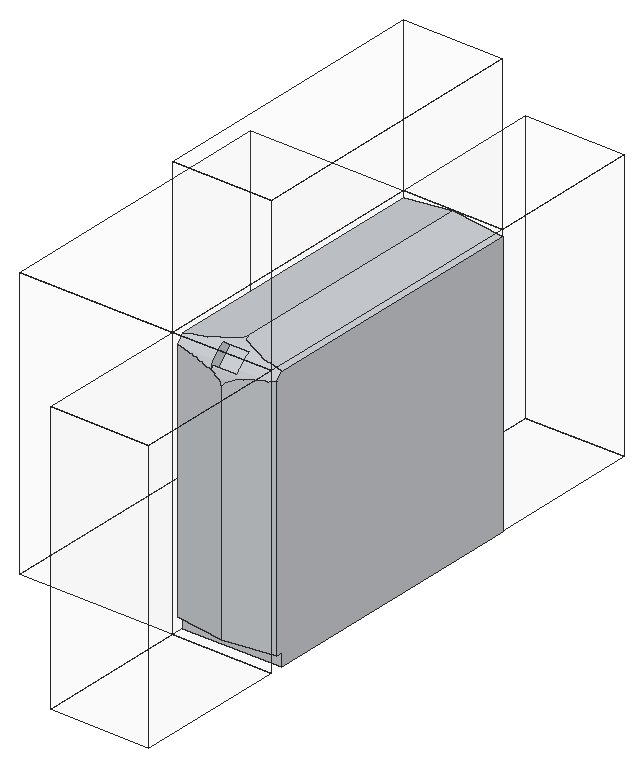
Revit family
Parameters (values of type "AWN801")
  WATER CONN SIZE = water conn radius * 2  # 2"
  Voltage/Heater = "120"
  SES BIM Studio # = "201264901-19"
  J_ air inlet offset from back = 27 3/4"
  F_ water outlet offset from back = 17"
  water conn radius = 1"
  G_water inlet offset from back = 3 1/2"
  WIDTH = 15 1/2"
  Voltage/Pump = "120"
  Voltage/Control = "24"
  AIR INLET SIZE = air inlet radius * 2  # 4"
  URL = "http://www.lochinvar.com/products/Default.aspx?type=ProductLine&lineid=22"
  Total Amps = "12.8"
  Model = "KBN286"
  Manufacturer = "Lochinvar"
  MODEL NO. = "AWN801"
  gas conn radius = 3/4"
  K_gas conn offset from left = 3 1/4"
  I_gas conn height = 32 3/4"
  GAS CONN SIZE = gas conn radius * 2  # 1 1/2"
  GALLON CAPACITY = "5.7"
  flue radius = 3"
  VENT SIZE = flue radius * 2  # 6"
  D_ drain offset from back = 33 1/4"
  C_ DEPTH = 45 1/4"
  INPUT RATE (BTUH) = "800,00"
  A_HEIGHT = 42 1/2"
  FUEL TYPE = "NATURAL GAS"
  Description = "Knight Boiler"
  Fuel Type = "Natural or LP"
  E_condensate drain offset from back = 23"
  air inlet radius = 2"
  H_air inlet height = 36"
  # of Electrical Connections = "1"
Types (7): name | J_ air inlet offset from back | F_ water outlet offset from back | G_water inlet offset from back | Total Amps | MODEL NO. | gas conn radius | K_gas conn offset from left | I_gas conn height | GAS CONN SIZE | GALLON CAPACITY | flue radius | VENT SIZE | D_ drain offset from back | C_ DEPTH | INPUT RATE (BTUH) | E_condensate drain offset from back | H_air inlet height
  (no name) | 27 3/4" | 17" | 3 1/2" | "12.8" | "AWN801" | 3/4" | 3 1/4" | 32 3/4" | 1 1/2" | "5.7" | 3" | 6" | 33 1/4" | 45 1/4" | "800,00" | 23" | 36"
  AWN286 | 11 3/4" | 6" | 2" | "4.5" | "AWN286" | 3/8" | 4 1/4" | 31" | 3/4" | "2.4" | 2" | 4" | 12 3/4" | 19 3/4" | "285,000" | 13 1/2" | 34"
  AWN400 | 18 3/4" | 14" | 3 1/2" | "6.5" | "AWN286" | 1/2" | 2" | 34" | 1" | "3.4" | 2" | 4" | 21" | 27" | "399,999" | 20 3/4" | 34"
  AWN501 | 22" | 14" | 3 1/2" | "5.7" | "AWN501" | 1/2" | 5 3/4" | 34" | 1" | "4.2" | 2" | 4" | 21" | 31 1/2" | "500,00" | 25" | 35"
  AWN601 | 19 1/2" | 14" | 3 1/2" | "5.7" | "AWN601" | 3/4" | 5 1/2" | 32 3/4" | 1 1/2" | "4.2" | 2" | 4" | 25" | 36 1/4" | "600,00" | 21" | 36"
  AWN701 | 23 1/2" | 17" | 3 1/2" | "12.8" | "AWN701" | 3/4" | 3 1/4" | 32 3/4" | 1 1/2" | "5.0" | 3" | 6" | 29" | 40 1/4" | "700,00" | 23" | 36"
  AWN801 | 27 3/4" | 17" | 3 1/2" | "12.8" | "AWN801" | 3/4" | 3 1/4" | 32 3/4" | 1 1/2" | "5.7" | 3" | 6" | 33 1/4" | 45 1/4" | "800,00" | 23" | 36"
Reference planes (in)
  plane 1 "Center (Front/Back)": y = 6.125
  plane 2: z = 0
  plane 3 "Center (Left/Right)": x = -1.39218
  plane 4 "Back": y = 28.75
  plane 5 "Front": y = -16.5
  plane 6 "Top": z = 42.5
  plane 7 "Right": x = 6.35782
  plane 8 "Left": x = -9.14218
  plane 9 "Front Clearance": y = -40.5
  plane 10 "Back Clearance": y = 52.75
  plane 11 "Left Clearance": x = -33.14218
  plane 12 "Top Clearance": z = 66.5
Forms (in)
  Extrusion 1, solid
    sketch origin (-38.1296, -180, 3) x (-1, 0, 0) y (0, -1, 0)
      loop
        line (-28.98742, -208.75) -> (-28.98742, -163.5) -> (-44.48742, -163.5) -> (-44.48742, -208.75) -> (-28.98742, -208.75)
    from 39.5 to -3
  Extrusion 2, solid, material "Clearance"
    sketch origin (-15.62351, 24, -0.75) x (1, 0, 0) y (0, 1, 0)
      loop
        line (6.48133, 28.75) -> (6.48133, 4.75) -> (21.98133, 4.75) -> (21.98133, 28.75) -> (6.48133, 28.75)
    from 0.75 to 43.25
  Extrusion 3, solid, material "Clearance"
    sketch origin (0, 0, 42.5) x (-1, 0, 0) y (0, -1, 0)
      loop
        line (9.14218, 16.5) -> (9.14218, 40.5) -> (-6.35782, 40.5) -> (-6.35782, 16.5) -> (9.14218, 16.5)
    from -42.5 to 0
  Extrusion 4, solid
    sketch origin (0, 28.75, 13.75) x (1, 0, 0) y (0, 0, 1)
      loop
        circle (-1.14218, 0) r 3
    from 0 to -2
  Extrusion 5, solid
    sketch origin (-7, 28.75, 14) x (1, 0, 0) y (0, 0, 1)
      loop
        circle (1.10782, 18.75) r 0.75
    from 0 to -2
  Extrusion 6, solid
    sketch origin (-9.14218, 0, 3.25) x (0, 1, 0) y (0, 0, 1)
      loop
        circle (25.25, 15.5) r 1
    from 0 to -1
  Extrusion 7, solid
    sketch origin (-9.14218, 0, 3.25) x (0, 1, 0) y (0, 0, 1)
      loop
        circle (11.75, 15.5) r 1
    from 0 to -1
  Extrusion 8, solid
    sketch origin (-9.14218, 0, 2.5) x (0, 1, 0) y (0, 0, 1)
      loop
        circle (5.75, 6.5) r 0.5
    from 0 to -1
  Extrusion 9, solid
    sketch origin (-9.14218, 0.5, -6) x (0, 1, 0) y (0, 0, 1)
      loop
        circle (-5, 24.75) r 0.75
    from 0 to -1
  Extrusion 10, solid, material "Clearance"
    sketch origin (-24, 14, 42.5) x (-1, 0, 0) y (0, -1, 0)
      loop
        line (9.14218, -14.75) -> (9.14218, 30.5) -> (-14.85782, 30.5) -> (-14.85782, -14.75) -> (9.14218, -14.75)
    from -42.5 to 0
  Extrusion 11, solid
    sketch origin (-9.14218, 0, 0) x (0, 1, 0) y (0, 0, 1)
      loop
        circle (1, 36) r 2
    from 0 to -1
  Extrusion 12, solid, material "Clearance"
    sketch origin (-38.1296, -180, 27) x (-1, 0, 0) y (0, -1, 0)
      loop
        line (-28.98742, -208.75) -> (-28.98742, -163.5) -> (-44.48742, -163.5) -> (-44.48742, -208.75) -> (-28.98742, -208.75)
    from 39.5 to 15.5
  Extrusion 13, solid
    sketch origin (2.25, 28.75, 3.53161) x (1, 0, 0) y (0, 0, 1)
      loop
        circle (-0.64218, 35.96839) r 0.5
    from 0 to -1
  Extrusion 14, solid
    sketch origin (-3.75, 28.75, -6.21839) x (1, 0, 0) y (0, 0, 1)
      loop
        circle (-0.64218, 45.21839) r 0.5
    from 0 to -1
  Extrusion 15, void
    sketch origin (0, 0, 42.5) x (-1, 0, 0) y (0, -1, 0)
      loop
        line (-6.35782, 16.5) -> (-6.35782, 15.5) -> (1.39218, 16.5) -> (-6.35782, 16.5)
    from 0 to -42.5
  Extrusion 16, void
    sketch origin (0, 0, 42.5) x (-1, 0, 0) y (0, -1, 0)
      loop
        line (9.14218, 16.5) -> (1.39218, 16.5) -> (9.14218, 15.5) -> (9.14218, 16.5)
    from 0 to -42.5
  Extrusion 17, void
    sketch origin (0, -16.5, 0) x (1, 0, 0) y (0, 0, 1)
      loop
        line (6.35782, 42.5) -> (-1.39218, 42.5) -> (6.35782, 41.5) -> (6.35782, 42.5)
    from 0 to -45.25
  Extrusion 18, void
    sketch origin (0, -16.5, 0) x (1, 0, 0) y (0, 0, 1)
      loop
        line (-9.14218, 42.5) -> (-9.14218, 41.5) -> (-1.39218, 42.5) -> (-9.14218, 42.5)
    from 0 to -45.25
  Extrusion 19, void
    sketch origin (-1.39218, 0, 0) x (0, 1, 0) y (0, 0, 1)
      loop
        line (-16.5, 42.5) -> (-16.5, 37.5)
        arc (-16.5, 37.5) -> (-15.03553, 41.03553) -> (-11.5, 42.5) r 5
        line (-11.5, 42.5) -> (-16.5, 42.5)
    from 7.75 to -7.75
  Extrusion 20, void
    sketch origin (-1.39218, 0, 0) x (0, 1, 0) y (0, 0, 1)
      loop
        line (-16, 42) -> (-16, 37.5) -> (-11.5, 42) -> (-16, 42)
    from 2 to -2
  Extrusion 21, void
    sketch origin (-1.39218, 0, 0) x (0, 1, 0) y (0, 0, 1)
      loop
        line (-16.5, 0) -> (-14.5, 0) -> (-14.5, 2) -> (-16.5, 2) -> (-16.5, 0)
    from 7.75 to -7.75
Cuts and joins
  Extrusion 15, Extrusion 16, Extrusion 17, Extrusion 18, Extrusion 19, Extrusion 20, Extrusion 21 cuts Extrusion 1
  Extrusion 15, Extrusion 16, Extrusion 19, Extrusion 21 cuts Extrusion 3
  Extrusion 15, Extrusion 16, Extrusion 17, Extrusion 18, Extrusion 19 cuts Extrusion 12
  Extrusion 16, Extrusion 18 cuts Extrusion 10
Dimensions and locks (in)
  "A_HEIGHT": plane 6 "Top" to level
  equal spacing: plane 8 "Left", plane 3 "Center (Left/Right)", plane 7 "Right"
  "WIDTH": plane 8 "Left" to plane 7 "Right"
  equal spacing: plane 5 "Front", plane 1 "Center (Front/Back)", plane 4 "Back"
  "C_ DEPTH": plane 5 "Front" to plane 4 "Back"
  locked: plane 9 "Front Clearance" to plane 5 "Front" at 24
  locked: Extrusion 2 to Extrusion 4 at 13.75
  "K_gas conn offset from left": Extrusion 5 sketch curve to plane 8 "Left"
  locked: Extrusion 1 to Extrusion 6 at 18.75
  "F_ water outlet offset from back": plane 4 "Back" to Extrusion 7 sketch curve
  locked: Extrusion 1 to Extrusion 8 at 9
  "E_condensate drain offset from back": plane 4 "Back" to Extrusion 8 sketch curve
  "D_ drain offset from back": Extrusion 2 to Extrusion 9 sketch curve
  "G_water inlet offset from back": plane 4 "Back" to Extrusion 6 sketch curve
  "H_air inlet height": Extrusion 3 to Extrusion 11 sketch curve
  plane 12 "Top Clearance" to plane 6 "Top" = 24"
  "J_ air inlet offset from back": Extrusion 10 to Extrusion 11 sketch curve
  locked: plane 11 "Left Clearance" to plane 8 "Left" at 24
  locked: plane 4 "Back" to plane 10 "Back Clearance" at 24
  level to Extrusion 13 sketch curve = 39 1/2"
  Extrusion 4 sketch curve to plane 8 "Left" = 8"
  locked: level to Extrusion 13 at 39.5
  locked: level to Extrusion 14 at 39
  locked: Extrusion 10 to plane 12 "Top Clearance" at 24
  "I_gas conn height": Extrusion 10 to Extrusion 5 sketch curve
  "flue radius": radius of Extrusion 4 sketch curve
  "gas conn radius": radius of Extrusion 5 sketch curve
  "water conn radius": radius of Extrusion 6 sketch curve
  "water conn radius": radius of Extrusion 7 sketch curve
  radius of Extrusion 8 sketch curve = 1/2"
  "gas conn radius": radius of Extrusion 9 sketch curve
  "air inlet radius": radius of Extrusion 11 sketch curve
  aligned and locked: plane 5 "Front" to Extrusion 1
  aligned and locked: Extrusion 1 to level
  aligned and locked: Extrusion 3 sketch curve to Extrusion 1  (x2)
  aligned and locked: plane 7 "Right" to Extrusion 3 sketch curve
  aligned and locked: Extrusion 3 to Extrusion 1
  aligned and locked: Extrusion 2 to Extrusion 1  (x4)
  aligned and locked: plane 4 "Back" to Extrusion 2
  aligned and locked: Extrusion 2 to plane 8 "Left"
  aligned and locked: Extrusion 2 to plane 7 "Right"
  aligned and locked: Extrusion 1 to plane 7 "Right"
  aligned and locked: Extrusion 1 to plane 4 "Back"
  aligned and locked: plane 6 "Top" to Extrusion 1
  aligned and locked: plane 6 "Top" to Extrusion 2
  aligned and locked: Extrusion 2 to plane 10 "Back Clearance"
  aligned and locked: plane 5 "Front" to Extrusion 10
  aligned and locked: plane 8 "Left" to Extrusion 10
  aligned and locked: Extrusion 10 to plane 11 "Left Clearance"
  aligned and locked: Extrusion 10 to plane 4 "Back"
  aligned and locked: plane 12 "Top Clearance" to Extrusion 12
  aligned and locked: Extrusion 12 to plane 6 "Top"
  aligned and locked: Extrusion 12 to plane 7 "Right"
  aligned and locked: Extrusion 12 to plane 8 "Left"
  aligned and locked: Extrusion 10 to level
  aligned and locked: plane 5 "Front" to Extrusion 16
  aligned and locked: Extrusion 16 to plane 8 "Left"
  aligned and locked: Extrusion 15 to plane 7 "Right"
  aligned and locked: plane 5 "Front" to Extrusion 15
  aligned and locked: plane 6 "Top" to Extrusion 15
  aligned and locked: Extrusion 15 to level
  aligned and locked: plane 6 "Top" to Extrusion 16
  aligned and locked: Extrusion 16 to level
  aligned and locked: plane 6 "Top" to Extrusion 18
  aligned and locked: Extrusion 18 to plane 8 "Left"
  aligned and locked: Extrusion 1 to Extrusion 15
  aligned and locked: plane 5 "Front" to Extrusion 17
  aligned and locked: plane 5 "Front" to Extrusion 18
  aligned and locked: Extrusion 18 to plane 4 "Back"
  aligned and locked: Extrusion 17 to plane 4 "Back"
  aligned and locked: plane 5 "Front" to Extrusion 19
  aligned and locked: plane 6 "Top" to Extrusion 19
  aligned and locked: Extrusion 19 to plane 8 "Left"
  aligned and locked: Extrusion 19 to plane 7 "Right"
  aligned and locked: plane 5 "Front" to Extrusion 21
  aligned and locked: Extrusion 21 to level
  aligned and locked: Extrusion 21 to plane 8 "Left"
  aligned and locked: Extrusion 21 to plane 7 "Right"
Automatic sketch dimensions
  plane 4 "Back" to Extrusion 1 sketch curve = 0"
  Extrusion 1 sketch curve to plane 7 "Right" = 0"
  plane 5 "Front" to Extrusion 1 sketch curve = 0"
  Extrusion 1 sketch curve to plane 8 "Left" = 0"
  plane 4 "Back" to Extrusion 2 sketch curve = 0"
  Extrusion 2 sketch curve to plane 8 "Left" = 0"
  Extrusion 2 sketch curve to plane 7 "Right" = 0"
  plane 10 "Back Clearance" to Extrusion 2 sketch curve = 0"
  plane 9 "Front Clearance" to Extrusion 3 sketch curve = 0"
  level to Extrusion 4 sketch curve = 13 3/4"
  level to Extrusion 6 sketch curve = 18 3/4"
  level to Extrusion 7 sketch curve = 18 3/4"
  level to Extrusion 8 sketch curve = 9"
  Extrusion 9 sketch curve to plane 6 "Top" = 23 3/4"
  plane 4 "Back" to Extrusion 10 sketch curve = 0"
  Extrusion 10 sketch curve to plane 8 "Left" = 0"
  plane 5 "Front" to Extrusion 10 sketch curve = 0"
  Extrusion 10 sketch curve to plane 11 "Left Clearance" = 0"
  plane 4 "Back" to Extrusion 12 sketch curve = 0"
  Extrusion 12 sketch curve to plane 7 "Right" = 0"
  plane 5 "Front" to Extrusion 12 sketch curve = 0"
  Extrusion 12 sketch curve to plane 8 "Left" = 0"
  plane 3 "Center (Left/Right)" to Extrusion 13 sketch curve = 3"
  Extrusion 14 sketch curve to plane 3 "Center (Left/Right)" = 3"
  Extrusion 14 sketch curve to plane 6 "Top" = 3 1/2"
  Extrusion 15 sketch curve to plane 7 "Right" = 0"
  plane 5 "Front" to Extrusion 15 sketch curve = 0"
  Extrusion 15 sketch curve to plane 3 "Center (Left/Right)" = 0"
  Extrusion 15 sketch curve to Extrusion 15 sketch curve = 1"
  Extrusion 16 sketch curve to plane 3 "Center (Left/Right)" = 0"
  Extrusion 16 sketch curve to plane 8 "Left" = 0"
  plane 5 "Front" to Extrusion 16 sketch curve = 0"
  Extrusion 16 sketch curve to Extrusion 16 sketch curve = 1"
  Extrusion 17 sketch curve to plane 3 "Center (Left/Right)" = 0"
  plane 7 "Right" to Extrusion 17 sketch curve = 0"
  Extrusion 17 sketch curve to plane 6 "Top" = 0"
  Extrusion 17 sketch curve to Extrusion 17 sketch curve = 1"
  Extrusion 18 sketch curve to plane 8 "Left" = 0"
  Extrusion 18 sketch curve to plane 3 "Center (Left/Right)" = 0"
  Extrusion 18 sketch curve to plane 6 "Top" = 0"
  Extrusion 18 sketch curve to Extrusion 18 sketch curve = 1"
  Extrusion 19 sketch curve to plane 5 "Front" = 0"
  Extrusion 19 sketch curve to plane 6 "Top" = 0"
  Extrusion 19 sketch curve to Extrusion 19 sketch curve = 5"
  Extrusion 20 sketch curve to plane 5 "Front" = 1/2"
  Extrusion 20 sketch curve to Extrusion 20 sketch curve = 4 1/2"  (x2)
  Extrusion 20 sketch curve to plane 6 "Top" = 1/2"
  Extrusion 21 sketch curve to plane 5 "Front" = 0"
  Extrusion 21 sketch curve to level = 0"
  Extrusion 21 sketch curve to plane 5 "Front" = 2"
  Extrusion 21 sketch curve to Extrusion 21 sketch curve = 2"
  radius of Extrusion 13 sketch curve = 1/2"
  radius of Extrusion 14 sketch curve = 1/2"
Connectors (in)
  hvac at (-1.14218, 30.75, 13.75), driven by "flue radius"
    settings: on Extrusion 4, index 1, duct flow 0 CFM, flow factor 0, pres drop 0.00 in-wg, loss coef 0, conn angle 0.00°, conn width 12", conn height 12", conn radius 3", duct sys type 3, conn prof type 0, flow config 0, flow direction 2, loss method 0, conn ref index -1, conn util no, is conn primary yes, conn desc "Flue"
  piping at (-10.14218, 25.25, 18.75), driven by "water conn radius"
    settings: on Extrusion 6, index 3, connector radius 1", flow factor 0, pipe flow 0 GPM, pressure drop 0.00 psi, fitting loss kfactor 0, connector angle 0.00°, fixture units 0, flow configuration 1, flow direction 1, fitting loss method 0, system type 20, connector reference index -1, connector utility 0, adjustable connector no, is connector primary yes, fitting loss table "", connector description "Water Inlet"
  piping at (-10.14218, 11.75, 18.75), driven by "water conn radius"
    settings: on Extrusion 7, index 4, connector radius 1", flow factor 0, pipe flow 0 GPM, pressure drop 0.00 psi, fitting loss kfactor 0, connector angle 0.00°, fixture units 0, flow configuration 0, flow direction 2, fitting loss method 0, system type 19, connector reference index -1, connector utility 0, adjustable connector no, is connector primary no, fitting loss table "", connector description "Water Outlet"
  piping at (-10.14218, -4.5, 18.75), driven by "gas conn radius"
    settings: on Extrusion 9, index 5, connector radius 3/4", flow factor 0, pipe flow 0 GPM, pressure drop 0.00 psi, fitting loss kfactor 0, connector angle 0.00°, fixture units 0, flow configuration 3, flow direction 2, fitting loss method 0, system type 16, connector reference index -1, connector utility 0, adjustable connector no, is connector primary no, fitting loss table "", connector description "Drain"
  piping at (-10.14218, 5.75, 9)
    settings: on Extrusion 8, index 6, connector radius 1/2", flow factor 0, pipe flow 0 GPM, pressure drop 0.00 psi, fitting loss kfactor 0, connector angle 0.00°, fixture units 0, flow configuration 3, flow direction 2, fitting loss method 0, system type 16, connector reference index -1, connector utility 0, adjustable connector no, is connector primary no, fitting loss table "", connector description "Condensate Drain"
  hvac at (-10.14218, 1, 36), driven by "air inlet radius"
    settings: on Extrusion 11, index 7, duct flow 0 CFM, flow factor 0, pres drop 0.00 in-wg, loss coef 0, conn angle 0.00°, conn width 12", conn height 12", conn radius 2", duct sys type 1, conn prof type 0, flow config 0, flow direction 1, loss method 0, conn ref index -1, conn util no, is conn primary no, conn desc "Air Inlet"
  piping at (-5.89218, 30.75, 32.75), driven by "gas conn radius"
    settings: on Extrusion 5, index 8, connector radius 3/4", flow factor 0, pipe flow 0 GPM, pressure drop 0.00 psi, fitting loss kfactor 0, connector angle 0.00°, fixture units 0, flow configuration 1, flow direction 1, fitting loss method 0, system type 22, connector reference index -1, connector utility 0, adjustable connector no, is connector primary no, fitting loss table "", connector description "Gas"
  electrical at (1.60782, 29.75, 39.5)
    settings: on Extrusion 13, index 9, voltage 0 V, apparent load 0 VA, apparent load phase1 0 VA, apparent load phase2 0 VA, apparent load phase3 0 VA, power factor 1, load classification "Other", number of poles 1, system type 13, power factor state 1, is connector primary yes, connector utility no, sub classification motor no, connector description "Low Voltage"
  electrical at (-4.39218, 29.75, 39)
    settings: on Extrusion 14, index 10, voltage 0 V, apparent load 0 VA, apparent load phase1 0 VA, apparent load phase2 0 VA, apparent load phase3 0 VA, power factor 1, load classification "Other", number of poles 1, system type 31, power factor state 1, is connector primary no, connector utility no, sub classification motor no, connector description "Line Voltage"
